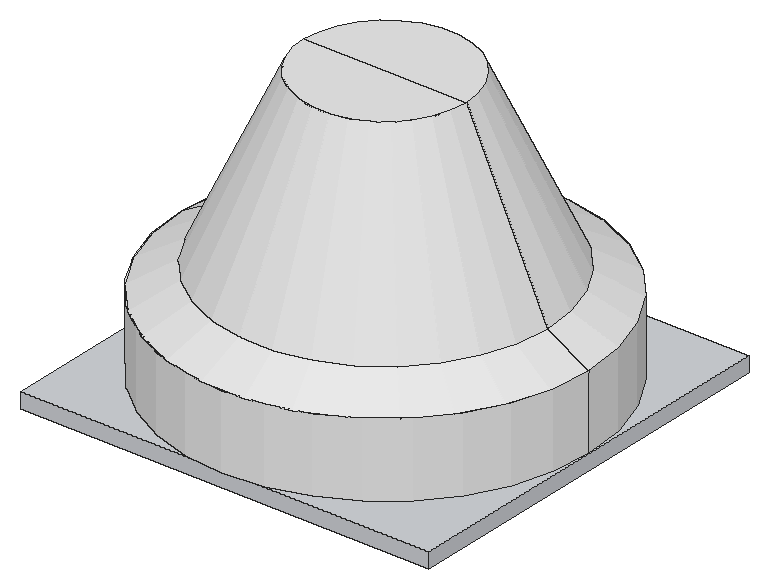
Revit family "Smoke Detector", category Fire Alarm Devices, host Face, Revit 2016
Family settings
  Host = Face
  Maintain Annotation Orientation = No
  Part Type = Normal
  Round Connector Dimension = Use Diameter
  OmniClass Number = 23.85.30.21.11.11
  OmniClass Title = Fire/Smoke Detectors
  Cut with Voids When Loaded = No
  Shared = No
  Room Calculation Point = No
Parameters (values of type "Standard")
  zz Integer 1 = 1
  Width = 4.400"  # constant formula
  Weight = 0.50 lbf  # constant formula
  URL = "http://www.edwardsutcfs.com/"
  Storage and Operating Environment = if(or(zz Integer 1 = 1, zz Integer 1 = 2), "Air Velocity Range: 0 to 500 ft/min (2.53 m/s); Operating Temperature: 32°F to 100°F (0°C to 38°C); Storage Temperature: -4°F to 140°F (-20°C to 60°C); Humidity: 0 to 93% RH, Non-Condensing; Altitude: 6000ft (1828m) above sea level maximum", if(or(zz Integer 1 = 3, zz Integer 1 = 4), "Operating Temperature: 32°F to 100°F (0°C to 38°C); Storage Temperature: -4°F to 140°F (-20°C to 60°C); Humidity: 0 to 93% RH, Non-Condensing", "Air Velocity Range: 0 to 5000 ft/min (25.39 m/s); Operating Temperature: 32°F to 120°F (0°C to 49°C); Storage Temperature: -4°F to 140°F (-20°C to 60°C); Humidity: 0 to 93% RH, Non-Condensing"))  # "Air Velocity Range: 0 to 500 ft/min (2.53 m/s); Operating Temperature: 32°F to 100°F (0°C to 38°C); Storage Temperature: -4°F to 140°F (-20°C to 60°C); Humidity: 0 to 93% RH, Non-Condensing; Altitude: 6000ft (1828m) above sea level maximum"
  Spacing = if(or(zz Integer 1 = 1, zz Integer 1 = 2, zz Integer 1 = 5), "30 ft", "70 ft")  # "30 ft"
  Sensitivity Range = "ULI/ULC - .67% to 3.77% obscuration/foot"  # constant formula
  Sensing Element = if(zz Integer 1 = 3, "Fixed temperature", if(zz Integer 1 = 4, "Fixed temperature and Rate-of-Rise", if(zz Integer 1 = 5, "Photoelectric: light scattering principle", "Photo: Light scattering principle; Heat: alarms at 65°F (35°C) above ambient; Ion: (unipolar) 135µC Americium 241")))  # "Photo: Light scattering principle; Heat: alarms at 65°F (35°C) above ambient; Ion: (unipolar) 135µC Americium 241"
  Provide Feedback = "https://www.surveymonkey.com/s/XQB9QDX"
  Product Page URL = "http://www.edwardsutcfs.com/product/intelligent-4d-multisensor-detector-ionization-photoelectric-heat"
  Product Documentation Link = "http://edwardsutcfs.com/sites/default/files/common/85001-0291%20--%20Intelligent%20Ionization%20Smoke%20Detector.pdf"
  Pre-alarm Sensitivity = "5% increments, allowing up to 20 pre-alarm settings"  # constant formula
  Part Number [instance] = Model  # "SIGA-IPHS"
  Part Description [instance] = Description  # "Intelligent Multisensor Detector"
  Original Creation Date = "February 18, 2013"  # constant formula
  Operating Voltage = 19 V  # constant formula
  Operating Current = 70 mA  # constant formula
  Model Disclaimer = "Contact UTC Climate, Controls & Security for more information."  # constant formula
  Model = if(zz Integer 1 = 1, "SIGA-IPHS", if(zz Integer 1 = 2, "SIGA-IPHSB", if(zz Integer 1 = 3, "SIGA-HFS", if(zz Integer 1 = 4, "SIGA-HRS", if(zz Integer 1 = 5, "SIGA-PS", "Not available")))))  # "SIGA-IPHS"
  Manufacturer = "UTC Climate, Controls & Security"  # constant formula
  LED Operation = "On-board Green LED – Flashes when polled; On-board Red LED – Flashes when in alarm; Both LEDs – Glow steady when alarm (stand-alone); Compatible Remote LED (model SIGA-LED) – Flashes when in alarm"  # constant formula
  Housing Color = High Impact Polymer - UTC - White
  Height = 4.400"  # constant formula
  Family Version = "1.0.0"  # constant formula
  Equipment Number [instance] = ""
  Equipment Abbreviation = "FS"
  Description = if(or(zz Integer 1 = 1, zz Integer 1 = 2), "Intelligent Multisensor Detector", if(or(zz Integer 1 = 3, zz Integer 1 = 4), "Intelligent Heat Detector", "Intelligent Photoelectric Smoke Detector"))  # "Intelligent Multisensor Detector"
  Depth = 2.125"  # constant formula
  Default Elevation = 47.24409"
  Date Last Modified = "February 18, 2013"  # constant formula
  Copyright = "Copyright © UTC Climate, Controls & Security"  # constant formula
  Compatibility = "Use with: SIGNATURE Loop Controller"  # constant formula
  Base [instance] = SIGA Series Bases : Standard Mounting Base
  Assembly Code = "SMD"
  Address Requirements = "Uses one device address"  # constant formula
Reference planes (in)
  plane 1 "Center (Front/Back)": y = 0
  plane 2: z = 0
  plane 3 "Center (Left/Right)": x = 0
  plane 4 "Left": x = -2.2
  plane 5 "Right": x = 2.2
  plane 6 "Front": y = 2.2
  plane 7 "Back": y = -2.2
  plane 8 "Top": z = 0
  plane 9: z = -12
  plane 10 "Bottom": z = 2.925
  plane 11: z = 0.8
  plane 12: x = -0.87502
  plane 13: x = 0.87502
  plane 14: x = -2.1
  plane 15: x = 2.1
  plane 16: z = 1.05
  plane 17: x = -1.75
  plane 18: x = 1.75
  plane 19: z = 2.625
  plane 20: z = 2.325
  plane 21: x = -2.6675
  plane 22: x = 2.6675
  plane 23: y = 2.6675
  plane 24: y = -2.6675
Forms (in)
  Extrusion 1, solid
    sketch origin (0, 0, 0) x (1, 0, 0) y (0, 1, 0)
      loop
        line (-2.20871, 2.15139) -> (-2.20871, -2.16299) -> (2.19471, -2.16299) -> (2.19471, 2.15139) -> (-2.20871, 2.15139)
    from 0 to -0.16769
  Revolve 2, solid, material "High Impact Polymer - UTC - White" <- "Housing Color"
    sketch origin (0, 0, 0) x (1, 0, 0) y (0, 0, 1)
      loop
        line (0, 0.8) -> (0, 2.925) -> (-0.87502, 2.925) -> (-1.75, 1.05) -> (-2.2, 0.8) -> (0, 0.8)
      axis (0, 0.8) -> (0, 2.925)
    angle from 0 to 360
Lines and regions (in)
  Masking region 1
    outline origin (0, 0, 0) x (1, 0, 0) y (0, 1, 0)
      loop
        circle (0, 0) r 2.1675
  Masking region 2, detail levels coarse+medium
    outline origin (0, 0, 0) x (1, 0, 0) y (0, 0, 1)
      loop
        line (-2.2, 2.925) -> (-2.2, 0) -> (2.2, 0) -> (2.2, 2.925) -> (-2.2, 2.925)
  Masking region 3, detail levels fine
    outline origin (0, 0, 0) x (1, 0, 0) y (0, 0, 1)
      loop
        line (-2.2, 0) -> (2.2, 0) -> (2.2, 0.8) -> (1.75, 1.05) -> (0.87502, 2.925) -> (-0.87502, 2.925) -> (-1.75, 1.05) -> (-2.2, 0.8) -> (-2.2, 0)
  model lines, detail levels fine
    curve 1: circle (0, 0, 2.625) r 1.015 normal (0, 0, 1)
    curve 2: circle (0, 0, 2.325) r 1.15 normal (0, 0, 1)
  symbolic lines, detail levels fine
    curve 3: circle (0, 0, 0) r 1.7175 normal (0, 0, 1)
  symbolic lines, detail levels coarse+medium
    curve 4: circle (0, 0, 0) r 0.87502 normal (0, 0, 1)
Dimensions and locks (in)
  equal spacing: plane 4 "Left", plane 3 "Center (Left/Right)", plane 5 "Right"
  equal spacing: plane 7 "Back", plane 1 "Center (Front/Back)", plane 6 "Front"
  "Width": plane 4 "Left" to plane 5 "Right"
  "Height": plane 6 "Front" to plane 7 "Back"
  plane 8 "Top" to plane 9 = 12.000"
  equal spacing: plane 12, plane 3 "Center (Left/Right)", plane 13
  plane 12 to plane 13 = 1.75004"
  plane 14 to plane 4 "Left" = 0.100"
  plane 5 "Right" to plane 15 = 0.100"
  locked: plane 17 to plane 14 at 0.35
  locked: plane 15 to plane 18 at 0.35
  locked: plane 10 "Bottom" to plane 20 at 0.6
  equal spacing: plane 10 "Bottom", plane 19, plane 20
  locked: curve 1 to plane 3 "Center (Left/Right)" at 1.015
  locked: curve 2 to plane 3 "Center (Left/Right)" at 1.15
  locked: plane 1 "Center (Front/Back)" to Masking region 1 at 2.1675
  "Depth": plane 10 "Bottom" to plane 11
  locked: plane 16 to plane 11 at 0.25
  aligned and locked: plane 2 to Extrusion 1
  aligned and locked: level to Extrusion 1
  aligned and locked: Revolve 2 sketch curve to plane 10 "Bottom"
  aligned and locked: plane 11 to Revolve 2 sketch curve  (x2)
  aligned and locked: Revolve 2 sketch curve to plane 3 "Center (Left/Right)"
  aligned and locked: plane 16 to Revolve 2 sketch curve
  aligned and locked: plane 12 to Revolve 2 sketch curve
  aligned and locked: plane 17 to Revolve 2 sketch curve
  aligned and locked: plane 4 "Left" to Revolve 2 sketch curve
  aligned and locked: plane 1 "Center (Front/Back)" to curve 1
  aligned and locked: plane 3 "Center (Left/Right)" to curve 1
  aligned and locked: plane 1 "Center (Front/Back)" to curve 2
  aligned and locked: plane 3 "Center (Left/Right)" to curve 2
  aligned and locked: plane 3 "Center (Left/Right)" to Masking region 1 sketch curve
  aligned and locked: plane 1 "Center (Front/Back)" to Masking region 1 sketch curve
  aligned and locked: plane 3 "Center (Left/Right)" to curve 3
  aligned and locked: plane 1 "Center (Front/Back)" to curve 3
  aligned and locked: plane 3 "Center (Left/Right)" to curve 4
  aligned and locked: plane 1 "Center (Front/Back)" to curve 4
  aligned and locked: plane 3 "Center (Left/Right)" to nested 1
  aligned and locked: plane 1 "Center (Front/Back)" to nested 1
  aligned and locked: nested 1 to plane 8 "Top"
  aligned and locked: plane 4 "Left" to Masking region 2 sketch curve
  aligned and locked: Masking region 2 sketch curve to plane 5 "Right"
  aligned and locked: Masking region 2 sketch curve to plane 10 "Bottom"
  aligned and locked: plane 8 "Top" to Masking region 2 sketch curve
  aligned and locked: plane 4 "Left" to Masking region 3 sketch curve
  aligned and locked: Masking region 3 sketch curve to plane 5 "Right"
  aligned and locked: plane 8 "Top" to Masking region 3 sketch curve
  aligned and locked: plane 11 to Masking region 3 sketch curve  (x2)
  aligned and locked: plane 16 to Masking region 3 sketch curve  (x2)
  aligned and locked: plane 18 to Masking region 3 sketch curve
  aligned and locked: plane 17 to Masking region 3 sketch curve
  aligned and locked: plane 12 to Masking region 3 sketch curve
  aligned and locked: plane 13 to Masking region 3 sketch curve
  aligned and locked: Masking region 3 sketch curve to plane 10 "Bottom"
Automatic sketch dimensions
  Extrusion 1 sketch curve to Extrusion 1 sketch curve = 4.40342"
  Extrusion 1 sketch curve to Extrusion 1 sketch curve = 4.31437"
  Revolve 2 sketch curve to plane 3 "Center (Left/Right)" = 0.000"
  Revolve 2 sketch curve to plane 11 = 0.000"
  Revolve 2 sketch curve to Revolve 2 sketch curve = 0.49928"
  radius of curve 3 = 1.7175"
  radius of curve 4 = 0.87502"
  radius of Masking region 1 sketch curve = 2.1675"
Nested families (in)
  nested 1: "SIGA Series Bases" at (0, 0, 0), type <- "Base", Housing Color <- "Housing Color", type "Standard Mounting Base"
    with Trim Width 0.500", Housing Color High Impact Polymer - UTC - White
  nested 2: "M_Heat Detector Annotation" at (0.02726, 0.01112, 0), type "Heat Detector Annotation"
Connectors (in)
  electrical at (0, 0, 0.8)
    settings: on Revolve 2, index 1, voltage 0 V, apparent load 0 VA, apparent load phase1 0 VA, apparent load phase2 0 VA, apparent load phase3 0 VA, power factor 1, load classification "Other", number of poles 1, system type 11, power factor state 1, is connector primary yes, connector utility no, sub classification motor no, connector description "Main Electrical Connection"
Definition of nested family "SIGA Series Bases"
  Parameters
    z Ttrim Width = 0.500"
    z Taper Length = if(z Is Audible base, 1.000", 0.000")  # 0.000"
    z Is Audible base = no
    z Has Trim Skirt = no
    Width = 5.400"
    URL = "http://www.utcfireandsecurity.com"
    Trim Width [instance] = 0.500"
    Provide Feedback = "https://www.surveymonkey.com/s/XQB9QDX"
    Product Documentation Link = "http://edwardsutcfs.com/sites/default/files/common/85001-0291%20--%20Intelligent%20Ionization%20Smoke%20Detector.pdf"
    Part Number = Model  # "SIGA-SB"
    Part Description = Description  # "Detector Mounting Base - Standard"
    Original Creation Date = "March 4, 2013"  # constant formula
    Model Disclaimer = "Contact UTC Fire & Security for more information."  # constant formula
    Model = "SIGA-SB"
    Manufacturer = "UTC Fire & Security"  # constant formula
    Housing Color [instance] = none
    Height = Width  # 5.400"
    Family Version = "1.0"  # constant formula
    Equipment Abbreviation = "FS"
    Description = "Detector Mounting Base - Standard"
    Depth = 0.800"
    Date Last Modified = "March 4, 2013"  # constant formula
    Copyright = "Copyright © UTC Fire & Security"  # constant formula
    Assembly Code = ""
  Reference planes (in)
    plane 1 "Center (Front/Back)": y = 0
    plane 2 "Ref. Level": z = 0
    plane 3 "Center (Left/Right)": x = 0
    plane 4 "Back": z = 0
    plane 5: z = -60
    plane 6 "Top": y = 2.7
    plane 7 "Bottom": y = -2.7
    plane 8 "Left": x = -2.7
    plane 9 "Right": x = 2.7
    plane 10 "Front": z = 0.8
    plane 11: y = 2.2
    plane 12: y = -2.2
    plane 13: x = -2.2
    plane 14: x = 2.2
    plane 15: x = -2.2
  Forms (in)
    Revolve 1, solid, material <- "Housing Color"
      sketch origin (0, 0, 0) x (1, 0, 0) y (0, 0, 1)
        loop
          line (0, 0.8) -> (-2.2, 0.8) -> (-2.2, 0) -> (0, 0) -> (0, 0.8)
        axis (0, 0.8) -> (0, 0)
      angle from 0 to 360
    Sweep 2, solid, material <- "Housing Color", visible <- "z Has Trim Skirt"
      path in 3D
        loop
          arc (-2.2, 0, 0.8) -> (0, 2.2, 0.8) -> (2.2, 0, 0.8) r 2.2
          arc (2.2, 0, 0.8) -> (0, -2.2, 0.8) -> (-2.2, 0, 0.8) r 2.2
      profile origin (0, -2.2, 0.8) x (0, -1, 0) y (0, 0, 1)
        loop
          line (0, 0) -> (0, -0.8) -> (0.5, -0.8) -> (0, 0)
  Lines and regions (in)
    sketch lines
      curve 1: arc (2.2, 0, 0.8) -> (0, -2.2, 0.8) -> (-2.2, 0, 0.8) r 2.2
      curve 2: arc (-2.2, 0, 0.8) -> (0, 2.2, 0.8) -> (2.2, 0, 0.8) r 2.2
  Dimensions and locks (in)
    plane 4 "Back" to plane 5 = 60.000"
    equal spacing: plane 8 "Left", plane 3 "Center (Left/Right)", plane 9 "Right"
    equal spacing: plane 7 "Bottom", plane 1 "Center (Front/Back)", plane 6 "Top"
    "Width": plane 8 "Left" to plane 9 "Right"
    "Height": plane 6 "Top" to plane 7 "Bottom"
    "Depth": plane 10 "Front" to plane 4 "Back"
    "z Ttrim Width": plane 8 "Left" to plane 13
    "z Ttrim Width": plane 14 to plane 9 "Right"
    "z Taper Length": plane 13 to plane 15
    "z Ttrim Width": plane 6 "Top" to plane 11
    "Trim Width": plane 12 to plane 7 "Bottom"
    aligned and locked: plane 2 "Ref. Level" to level
    aligned and locked: plane 10 "Front" to Revolve 1 sketch curve  (x2)
    aligned and locked: plane 3 "Center (Left/Right)" to Revolve 1 sketch curve  (x3)
    aligned and locked: plane 13 to Revolve 1 sketch curve
    aligned and locked: plane 15 to Revolve 1 sketch curve
    aligned and locked: plane 4 "Back" to Revolve 1 sketch curve
    aligned and locked: Sweep 2 sketch curve to plane 12
    aligned and locked: Sweep 2 sketch curve to plane 4 "Back"
    aligned and locked: plane 10 "Front" to Sweep 2 sketch curve
    aligned and locked: plane 12 to Sweep 2 sketch curve
    aligned and locked: plane 7 "Bottom" to Sweep 2 sketch curve
  Automatic sketch dimensions
    Revolve 1 sketch curve to level = 0.000"
    Revolve 1 sketch curve to plane 10 "Front" = 0.000"
Definition of nested family "M_Heat Detector Annotation"
  Parameters
    Label Annotation = "s"
  Reference planes (in)
    plane 1: y = 0
    plane 2: x = 0
  Lines and regions (in)
    reference lines
      curve 1: line (-0.59408, 0.0625, 0) -> (1.03342, 0.0625, 0)
    detail lines
      curve 2: circle (0, 0, 0) r 0.03373 normal (0, 0, 1)
  Text (in)
    label "H" at (-0.01419, -0.00187, 0), shows "Label Annotation"
  Dimensions and locks (in)
    locked: plane 1 to curve 1 at 0.0625
